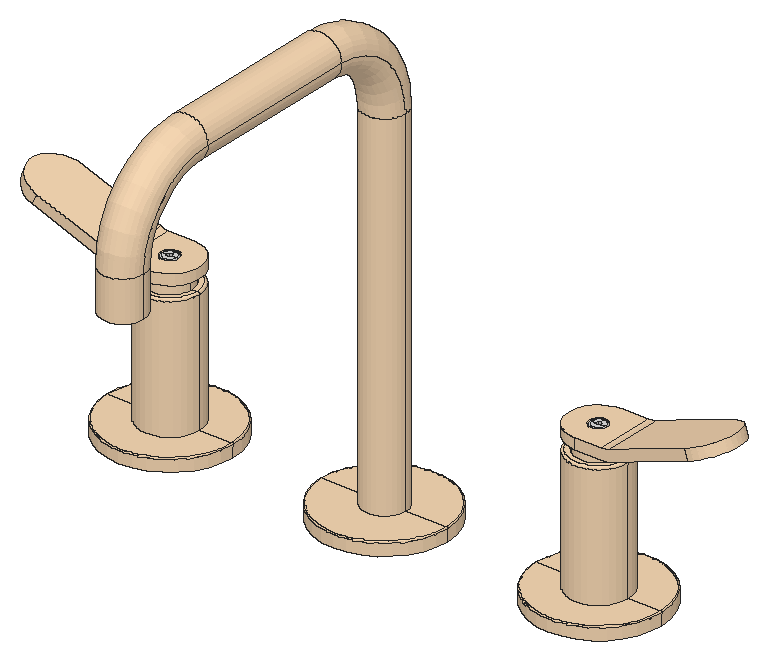
Revit family "Faucet-Deck_Mount-Bath-KALLISTA-Aileron-P33349", category Plumbing Fixtures, host Face, Revit 2021
Family settings
  Host = Face
  Round Connector Dimension = Use Diameter
  Part Type = Normal
  OmniClass Number = 23.31.11.00
  OmniClass Title = Faucets
  Cut with Voids When Loaded = No
  Shared = No
  Room Calculation Point = No
Parameters (values of type "2MB-Brushed Brass")
  Width [instance] = 8"
  WaterSense Certified = 1 = 0  # no
  Waste Water Outlet = "Waste Water Outlet"  # constant formula
  Waste Connection = 1 = 0  # no
  Vent Connection = 1 = 0  # no
  URL = "https://www.kallista.com/"
  Type = 1
  Spout Reach = Length  # 6.10236"
  Product Page URL = ""
  Product Name = "Aileron"  # constant formula
  Product Documentation Link = ""
  Pressure = 4.50 psi  # constant formula
  Model = if(Type = 1, "P-33349-LV-2MB", if(Type = 2, "P-33349-LV-BGP", if(Type = 3, "P-33349-LV-BL", if(Type = 4, "P-33349-LV-BLH", if(Type = 5, "P-33349-LV-BN", if(Type = 6, "P-33349-LV-CP", "NA"))))))  # "P-33349-LV-2MB"
  Material = "Premium Metal Construction"  # constant formula
  Master Format 2014 Name = "Residential Faucets, Supplies, and Trim"  # constant formula
  Master Format 2014 = "22 41 39"  # constant formula
  Manufacturer Address = "444 Highland Dr, Kohler, WI 53044"  # constant formula
  Manufacturer = "Kallista Co."  # constant formula
  Length = 6.10236"  # constant formula
  Hot Water Inlet = "Hot Water Inlet"  # constant formula
  Height = 6 233/256"  # constant formula
  Handle Clearance = 2 161/256"  # constant formula
  HW Connection = 1 = 1  # yes
  Flow Rate = 1.2 GPM  # constant formula
  Finish = Kallista-Metal-2MB- Brushed_Brass
  Faucet Hole Spacing [instance] = Width  # 8"
  Environmental Product Declaration = ""
  Drain Included = 1 = 1  # yes
  Description = "With Desperad Sink Faucet,Standard"  # constant formula
  Default Elevation = 36"
  Declare Label = ""
  Date Modified = "10/22/2024"  # constant formula
  Date Created = "10/22/2024"  # constant formula
  Copyright = "Copyright Kallista Co."  # constant formula
  Contact Us = "https://www.kallista.com/corporate/contact-us/"
  Cold Water Inlet = "Cold Water Inlet"  # constant formula
  CW Connection = 1 = 1  # yes
  Assembly Code = "D2010"
  ADA Compliant = 1 = 0  # no
Types (7): name | Width | Type | Model | Finish | Faucet Hole Spacing
  (no name) | 8" | 1 | "P-33349-LV-2MB" | Kallista-Metal-2MB- Brushed_Brass | 8"
  2MB-Brushed Brass | 8" | 1 | "P-33349-LV-2MB" | Kallista-Metal-2MB- Brushed_Brass | 8"
  BGP-Brushed Graphite | 19.68504" | 2 | "P-33349-LV-BGP" | Kallista-Metal-BGP-Brushed_Graphite | 19.68504"
  BL-Matte Black | 19.68504" | 3 | "P-33349-LV-BL" | Kallista-Metal-BL-Matte_Black | 19.68504"
  BLH-Blush Brass | 19.68504" | 4 | "P-33349-LV-BLH" | Kallista-Metal-BLH-Blush_Brass | 19.68504"
  BN-Brushed Nickel | 19.68504" | 5 | "P-33349-LV-BN" | Kallista-Metal-BN-Brushed_Nickel | 19.68504"
  CP-Chrome | 8" | 6 | "P-33349-LV-CP" | Kallista-Metal-CP-Chrome | 8"
Reference planes (in)
  plane 1 "Center (Front/Back)": y = 0
  plane 2: z = 0
  plane 3 "Center (Left/Right)": x = 0
  plane 4: x = -4
  plane 5: x = 4
  plane 6: x = 2.8189
  plane 7: y = 1.1811
  plane 8: y = -1.1811
  plane 9: y = 0.55118
  plane 10: y = -0.55118
  plane 11: z = 6.91016
  plane 12: z = 3.69291
  plane 13: z = 0.23959
  plane 14: z = 4.25197
  plane 15: z = 6.12205
  plane 16: y = -5.70866
  plane 17: y = -6.49606
  plane 18: y = -6.10236
  plane 19: x = 6.62992
  plane 20: x = 5.1811
  plane 21: x = -2.8189
  plane 22: x = -6.62992
  plane 23: x = -5.1811
  plane 24: x = 6.62891
  plane 25: x = 1.1811
  plane 26: x = -1.1811
  plane 27: x = -0.3937
  plane 28: x = 0.3937
Dimensions and locks (in)
  equal spacing: plane 4, plane 3 "Center (Left/Right)", plane 5
  "Width": plane 4 to plane 5
  plane 6 to plane 5 = 1.1811"
  "Length": plane 1 "Center (Front/Back)" to plane 18
  level to plane 11 = 6 233/256"
  "Height": plane 11 to level
  plane 7 to plane 18 = 7.28346"
  locked: plane 19 to plane 5 at 2.62992
  locked: plane 20 to plane 5 at 1.1811
  locked: plane 6 to plane 5 at 1.1811
  locked: plane 4 to plane 23 at 1.1811
  locked: plane 21 to plane 4 at 1.1811
  locked: plane 4 to plane 22 at 2.62992
  "Handle Clearance": plane 24 to plane 5
  aligned and locked: plane 2 to host face
  aligned and locked: level to host face
  aligned and locked: nested 2 to plane 1 "Center (Front/Back)"
  aligned and locked: plane 1 "Center (Front/Back)" to nested 1
  aligned and locked: nested 2 to plane 4
  aligned and locked: nested 1 to plane 5
  aligned and locked: plane 1 "Center (Front/Back)" to nested 3
  aligned and locked: plane 3 "Center (Left/Right)" to nested 3
Automatic sketch dimensions
  host sketch curve to host sketch curve = 96"  (x2)
Nested families (in)
  nested 1: "P33349_Handle" at (4, 0, 0), type "P33349_Handle"
  nested 2: "P33349_Handle" at (-4, 0, 0) x (-1, 0, 0) z (0, 0, 1), type "P33349_Handle"
  nested 3: "P33349_Spout" at (0, 0, 0), type "P33349_Faucet"
Connectors (in)
  piping at (-4, 0, 0), diameter 0.5, driven by "Flow Rate", driven by "Pressure", driven by "HW Connection", driven by "Hot Water Inlet"
    settings: on nested 2, index 1, connector inside diameter 24", connector length 0", flow factor 0, pipe flow 1.2 GPM, pressure drop 4.50 psi, fitting loss kfactor 0, connector angle 0.00°, fixture units 0, engagement length 0", angle of deflection 0.00°, flow configuration 1, flow direction 1, fitting loss method 4, system type 19, joint type 0, gender type 0, connector reference index -1, connector utility 1, adjustable connector no, is connector primary yes, connector description "Hot Water Inlet"
  piping at (4, 0, 0), diameter 0.5, driven by "Flow Rate", driven by "Pressure", driven by "CW Connection", driven by "Cold Water Inlet"
    settings: on nested 1, index 2, connector inside diameter 24", connector length 0", flow factor 0, pipe flow 1.2 GPM, pressure drop 4.50 psi, fitting loss kfactor 0, connector angle 0.00°, fixture units 0, engagement length 0", angle of deflection 0.00°, flow configuration 2, flow direction 1, fitting loss method 4, system type 20, joint type 0, gender type 0, connector reference index -1, connector utility 1, adjustable connector no, is connector primary no, connector description "Cold Water Inlet"
Definition of nested family "P33349_Handle"
  Parameters
    Material = none
    Default Elevation = 0"
  Reference planes (in)
    plane 1 "Center (Front/Back)": y = 0
    plane 2: z = 0
    plane 3 "Center (Left/Right)": x = 0
    plane 4: x = 1.1811
    plane 5: x = -1.1811
    plane 6: y = -0.55118
    plane 7: y = 0.55118
    plane 8: x = 2.62992
    plane 9: z = 3.69291
    plane 10: z = 2.96457
    plane 11: x = 0.55118
    plane 12: x = -0.55118
    plane 13: through (0.51815, -180, 2.95484) normal (-0.342, 0, 0.9397)
    plane 14: through (-1.51784, -180, 2.00432) normal (-0.342, 0, 0.9397)
    plane 15: through (-1.5515, -180, 2.09681) normal (-0.342, 0, 0.9397)
    plane 16: y = 1.1811
    plane 17: y = -1.1811
    plane 18 "sw": through (2.77057, -180, 3.77254) normal (0.342, 0, -0.9397)
  Forms (in)
    Revolve 1, solid, material <- "Material", detail levels medium+fine
      sketch origin (0, 0, 0) x (1, 0, 0) y (0, 0, 1)
        loop
          line (0, 0.23614) -> (-1.16142, 0.23614)
          arc (-1.16142, 0.23614) -> (-1.17534, 0.23037) -> (-1.1811, 0.21646) r 0.01969
          line (-1.1811, 0.21646) -> (-1.1811, 0) -> (0, 0) -> (0, 0.23614)
        axis (0, 0) -> (0, 0.23614)
      angle from 0 to 360
    Revolve 2, solid, material <- "Material", detail levels medium+fine
      sketch origin (0, 0, 0) x (1, 0, 0) y (0, 0, 1)
        loop
          line (0, 0.54637) -> (-0.42431, 0.54637) -> (-0.42431, 2.53982) -> (-0.51187, 2.53982)
          arc (-0.51187, 2.53982) -> (-0.53967, 2.52831) -> (-0.55118, 2.50051) r 0.03931
          line (-0.55118, 2.50051) -> (-0.55118, 0.23376) -> (0, 0.23376) -> (0, 0.54637)
        axis (0, 0.23376) -> (0, 2.53982)
      angle from 0 to 360
    Revolve 3, solid, material <- "Material", detail levels medium+fine
      sketch origin (0, 0, 0) x (1, 0, 0) y (0, 0, 1)
        loop
          line (0, 2.76736) -> (-0.46305, 2.76736)
          arc (-0.46305, 2.76736) -> (-0.41337, 2.73914) -> (-0.39371, 2.6855) r 0.083
          line (-0.39371, 2.6855) -> (-0.39371, 2.38129) -> (0, 2.38129) -> (0, 2.76736)
        axis (0, 2.38129) -> (0, 2.76736)
      angle from 0 to 360
    Sweep 4, solid, material <- "Material"
      path origin (0, 0, 0) x (1, 0, 0) y (0, 0, 1)
        loop
          line (-0.73463, 2.96461) -> (0.47695, 2.96461)
          arc (0.47695, 2.96461) -> (0.5497, 2.97098) -> (0.62025, 2.98988) r 0.41897
          line (0.62025, 2.98988) -> (2.77057, 3.77254)
      profile origin (-0.12884, 0, 2.96461) x (0, 0, 1) y (0, -1, 0)
        loop
          line (0, -0.55256) -> (0, 0.55256) -> (-0.19685, 0.55256) -> (-0.19685, -0.55256) -> (0, -0.55256)
    Extrusion 5, void
      sketch origin (0, 0, 0) x (1, 0, 0) y (0, 1, 0)
        loop
          line (0.47695, 0.55256) -> (0.47695, 0.81121) -> (-0.98498, 0.81121) -> (-0.98498, -1.04141) -> (0.47695, -1.04141) -> (0.47695, -0.55256) -> (-0.00113, -0.55256)
          arc (-0.00113, -0.55256) -> (-0.55369, 0) -> (-0.00113, 0.55256) r 0.55256
          line (-0.00113, 0.55256) -> (0.47695, 0.55256)
      from 2.53982 to 3.77254
    Extrusion 6, void
      sketch origin (-0.88837, 0, 2.44079) x (0.939693, 0, 0.34202) y (0, -1, 0)
        loop
          line (2.03248, -0.55256) -> (2.03248, -1.14311) -> (4.59153, -1.14311) -> (4.59153, 1.21909) -> (2.03248, 1.21909) -> (2.03248, 0.55256) -> (3.11939, 0.55256)
          arc (3.11939, 0.55256) -> (3.67195, 0) -> (3.11939, -0.55256) r 0.55256
          line (3.11939, -0.55256) -> (2.03248, -0.55256)
      from -0.2769 to 0.57616
    Revolve 7, solid, detail levels medium+fine
      sketch origin (0, 0, 0) x (1, 0, 0) y (0, 0, 1)
        loop
          line (0, 2.96461) -> (-0.13335, 2.96461)
          arc (-0.13335, 2.96461) -> (-0.14761, 2.95536) -> (-0.14495, 2.93857) r 0.0156
          line (-0.14495, 2.93857) -> (-0.08821, 2.87555) -> (-0.08821, 2.80681) -> (0, 2.80681) -> (0, 2.96461)
        axis (0, 2.80681) -> (0, 2.96461)
      angle from 0 to 360
    Revolve 8, void
      sketch origin (0, 0, 0) x (1, 0, 0) y (0, 0, 1)
        loop
          line (0, 2.96461) -> (-0.1684, 2.96461) -> (-0.08821, 2.87555) -> (-0.08821, 2.80681) -> (0, 2.80681) -> (0, 2.96461)
        axis (0, 2.80681) -> (0, 2.96461)
      angle from 0 to 360
    Extrusion 9, void
      sketch origin (0, 0, 0) x (1, 0, 0) y (0, 1, 0)
        loop
          line (0.04756, 0.03036) -> (0.00021, 0.0577) -> (-0.04715, 0.03036) -> (-0.04715, -0.02432) -> (0.00021, -0.05167) -> (0.04756, -0.02432) -> (0.04756, 0.03036)
      from 2.88707 to 3.11193
    Extrusion 10, solid, material <- "Material", detail levels medium+fine
      sketch origin (0, 0, 0) x (1, 0, 0) y (0, 1, 0)
        loop
          circle (0, 0) r 0.19685
      from 0 to 0.05709
    Revolve 11, solid, material <- "Material", detail levels coarse
      sketch origin (0, 0, 0) x (1, 0, 0) y (0, 0, 1)
        loop
          line (0, 2.76776) -> (-0.4795, 2.76677)
          arc (-0.4795, 2.76677) -> (-0.41678, 2.74079) -> (-0.39081, 2.67807) r 0.0887
          line (-0.39081, 2.67807) -> (-0.39081, 2.53982) -> (-0.52614, 2.53982) -> (-0.55118, 2.51478) -> (-0.55118, 0.23684) -> (-1.1811, 0.23684) -> (-1.1811, 0) -> (0, 0) -> (0, 2.76776)
        axis (0, 0) -> (0, 2.76776)
      angle from 0 to 360
  Cuts and joins
    joined: Revolve 2, Revolve 3
    Extrusion 5, Extrusion 6, Revolve 8 cuts Sweep 4
    Extrusion 9 cuts Revolve 7
  Lines and regions (in)
    Masking region 1
      outline origin (0, 0, 0) x (1, 0, 0) y (0, 1, 0)
        loop
          line (2.08042, 0.55118) -> (1.04373, 0.55118)
          arc (1.04373, 0.55118) -> (-1.18198, 0) -> (1.04373, -0.55118) r 1.1811
          line (1.04373, -0.55118) -> (2.08042, -0.55118)
          arc (2.08042, -0.55118) -> (2.6316, 0) -> (2.08042, 0.55118) r 0.55118
    Masking region 2
      outline origin (0, 0, 0) x (0, 1, 0) y (0, 0, 1)
        loop
          arc (1.1811, 0.21626) -> (1.17534, 0.23018) -> (1.16142, 0.23595) r 0.01969
          line (1.16142, 0.23595) -> (0.55118, 0.23595) -> (0.55118, 2.51842) -> (0.52843, 2.54117) -> (0.3937, 2.54117) -> (0.3937, 2.6887)
          arc (0.3937, 2.6887) -> (0.4171, 2.74518) -> (0.47358, 2.76858) r 0.07988
          line (0.47358, 2.76858) -> (0.55118, 2.76858) -> (0.55118, 3.5128)
          arc (0.55118, 3.5128) -> (0.48303, 3.58716) -> (0.3937, 3.63401) r 0.29314
          arc (0.3937, 3.63401) -> (0, 3.69557) -> (-0.3937, 3.63401) r 1.28986
          arc (-0.3937, 3.63401) -> (-0.48303, 3.58716) -> (-0.55118, 3.5128) r 0.29314
          line (-0.55118, 3.5128) -> (-0.55118, 2.76858) -> (-0.46901, 2.76858)
          arc (-0.46901, 2.76858) -> (-0.41576, 2.74652) -> (-0.3937, 2.69327) r 0.0753
          line (-0.3937, 2.69327) -> (-0.3937, 2.54117) -> (-0.52843, 2.54117) -> (-0.55118, 2.51842) -> (-0.55118, 0.23595) -> (-1.16142, 0.23595)
          arc (-1.16142, 0.23595) -> (-1.17534, 0.23018) -> (-1.1811, 0.21626) r 0.01969
          line (-1.1811, 0.21626) -> (-1.1811, 0) -> (0, 0) -> (1.1811, 0) -> (1.1811, 0.21626)
    Masking region 3
      outline origin (0, 0, 0) x (1, 0, 0) y (0, 0, 1)
        loop
          line (-1.1811, 0.21282) -> (-1.1811, 0) -> (0, 0) -> (1.1811, 0) -> (1.1811, 0.21282)
          arc (1.1811, 0.21282) -> (1.17407, 0.2298) -> (1.15709, 0.23684) r 0.02401
          line (1.15709, 0.23684) -> (0.55118, 0.23684) -> (0.55118, 2.51478) -> (0.52614, 2.53982) -> (0.39081, 2.53982) -> (0.39081, 2.67807)
          arc (0.39081, 2.67807) -> (0.41452, 2.73844) -> (0.47298, 2.76653) r 0.0887
          arc (0.47298, 2.76653) -> (0.60068, 2.78484) -> (0.72464, 2.82051) r 0.93718
          line (0.72464, 2.82051) -> (2.61517, 3.50861)
          arc (2.61517, 3.50861) -> (2.62804, 3.52041) -> (2.6288, 3.53786) r 0.02282
          line (2.6288, 3.53786) -> (2.5775, 3.67882)
          arc (2.5775, 3.67882) -> (2.56638, 3.69095) -> (2.54995, 3.69166) r 0.0215
          line (2.54995, 3.69166) -> (0.55227, 2.96457) -> (-0.55118, 2.96457) -> (-0.55118, 2.76776) -> (-0.47314, 2.76776)
          arc (-0.47314, 2.76776) -> (-0.41452, 2.73844) -> (-0.39081, 2.67807) r 0.0887
          line (-0.39081, 2.67807) -> (-0.39081, 2.53982) -> (-0.52614, 2.53982) -> (-0.55118, 2.51478) -> (-0.55118, 0.23684) -> (-1.15709, 0.23684)
          arc (-1.15709, 0.23684) -> (-1.17407, 0.2298) -> (-1.1811, 0.21282) r 0.02401
    symbolic lines, detail levels medium+fine
      curve 1: line (1.04461, 0.55118, 0) -> (-0.00046, 0.55118, 0)
      curve 2: arc (-0.00046, 0.55118, 0) -> (-0.55164, 0, 0) -> (-0.00046, -0.55118, 0) r 0.55118
      curve 3: line (0.59066, 0.55118, 0) -> (0.59066, -0.55118, 0)
      curve 4: line (0.5475, 0.55118, 0) -> (0.5475, -0.55118, 0)
      curve 5: line (0.52207, 0.55118, 0) -> (0.52207, -0.55118, 0)
      curve 6: line (0.47547, 0.55118, 0) -> (0.47547, -0.55118, 0)
      curve 7: circle (0, 0, 0) r 0.3937 normal (0, 0, 1)
      curve 8: circle (0, 0, 0) r 0.34019 normal (0, 0, 1)
      curve 9: circle (0, 0, 0) r 0.17495 normal (0, 0, 1)
      curve 10: circle (0, 0, 0) r 0.14984 normal (0, 0, 1)
      curve 11: circle (0, 0, 0) r 0.07716 normal (0, 0, 1)
      curve 12: arc (2.10503, 0.55118, 0) -> (2.50567, 0, 0) -> (2.10503, -0.55118, 0) r 0.57946
      curve 14: line (1.04373, -0.55118, 0) -> (-0.00046, -0.55118, 0)
      curve 15: circle (0, 0, 0) r 0.05315 normal (0, 0, 1)
      curve 16: line (0.04339, -0.03038, 0) -> (0.048, 0.02238, 0)
      curve 17: line (0.048, 0.02238, 0) -> (0.00462, 0.05276, 0)
      curve 18: line (0.00462, 0.05276, 0) -> (-0.04339, 0.03038, 0)
      curve 19: line (-0.04339, 0.03038, 0) -> (-0.048, -0.02238, 0)
      curve 20: line (-0.048, -0.02238, 0) -> (-0.00462, -0.05276, 0)
      curve 21: line (-0.00462, -0.05276, 0) -> (0.04339, -0.03038, 0)
      curve 22: arc (0, 0.55118, 3.39857) -> (0, 0, 3.53147) -> (0, -0.55118, 3.39857) r 1.20935
      curve 23: arc (0, 0.55118, 3.35414) -> (0, 0, 3.4921) -> (0, -0.55118, 3.35414) r 1.16998
      curve 24: line (0, 0.47358, 2.76858) -> (0, -0.51009, 2.76858)
      curve 25: line (0, 0.3937, 2.54117) -> (0, -0.3937, 2.54117)
      curve 26: line (0, 0.55118, 2.51842) -> (0, -0.55118, 2.51842)
      curve 27: line (0, 0.3937, 2.6887) -> (0, -0.39384, 2.6887)
      curve 28: line (0, 0.55118, 0.23595) -> (0, -0.55118, 0.23595)
      curve 29: line (0, 1.1811, 0.21626) -> (0, -1.1811, 0.21626)
      curve 30: line (-0.55118, 0, 0.23684) -> (0.62992, 0, 0.23684)
      curve 31: line (-1.1811, 0, 0.21282) -> (1.1811, 0, 0.21282)
      curve 32: line (-0.37947, 0, 2.53982) -> (0.40002, 0, 2.53982)
      curve 33: line (-0.39081, 0, 2.67807) -> (0.39081, 0, 2.67807)
      curve 34: line (-0.47314, 0, 2.76776) -> (0.48807, 0, 2.76776)
      curve 35: line (-0.55118, 0, 2.43315) -> (0.02784, 0, 1.85413)
      curve 36: line (-0.55118, 0, 2.48883) -> (0.08352, 0, 1.85413)
      curve 37: line (-0.52146, 0, 2.51478) -> (0.13919, 0, 1.85413)
      curve 38: line (-0.46578, 0, 2.51478) -> (0.19487, 0, 1.85413)
      curve 39: line (-0.4101, 0, 2.51478) -> (0.25055, 0, 1.85413)
      curve 40: line (-0.35442, 0, 2.51478) -> (0.30623, 0, 1.85413)
      curve 41: line (-0.29875, 0, 2.51478) -> (0.36191, 0, 1.85413)
      curve 42: line (-0.24307, 0, 2.51478) -> (0.41758, 0, 1.85413)
      curve 43: line (-0.18739, 0, 2.51478) -> (0.47326, 0, 1.85413)
      curve 44: line (-0.13171, 0, 2.51478) -> (0.52894, 0, 1.85413)
      curve 45: line (-0.07604, 0, 2.51478) -> (0.55118, 0, 1.88756)
      curve 46: line (-0.02036, 0, 2.51478) -> (0.55118, 0, 1.94324)
      curve 47: line (0.03532, 0, 2.51478) -> (0.55118, 0, 1.99892)
      curve 48: line (0.091, 0, 2.51478) -> (0.55118, 0, 2.0546)
      curve 49: line (0.14667, 0, 2.51478) -> (0.55118, 0, 2.11027)
      curve 50: line (0.20235, 0, 2.51478) -> (0.55118, 0, 2.16595)
      curve 51: line (0.25803, 0, 2.51478) -> (0.55118, 0, 2.22163)
      curve 52: line (0.31371, 0, 2.51478) -> (0.55118, 0, 2.27731)
      curve 53: line (0.36939, 0, 2.51478) -> (0.55118, 0, 2.33298)
      curve 54: line (0.42506, 0, 2.51478) -> (0.55118, 0, 2.38866)
      curve 55: line (0.48074, 0, 2.51478) -> (0.55118, 0, 2.44434)
      curve 56: line (-0.55118, 0, 2.37747) -> (-0.02784, 0, 1.85413)
      curve 57: line (-0.55118, 0, 2.32179) -> (-0.08352, 0, 1.85413)
      curve 58: line (-0.55118, 0, 2.26612) -> (-0.13919, 0, 1.85413)
      curve 59: line (-0.55118, 0, 2.21044) -> (-0.19487, 0, 1.85413)
      curve 60: line (-0.55118, 0, 2.15476) -> (-0.25055, 0, 1.85413)
      curve 61: line (-0.55118, 0, 2.09908) -> (-0.30623, 0, 1.85413)
      curve 62: line (-0.55118, 0, 2.0434) -> (-0.36191, 0, 1.85413)
      curve 63: line (-0.55118, 0, 1.98773) -> (-0.41758, 0, 1.85413)
      curve 64: line (-0.55118, 0, 1.93205) -> (-0.47326, 0, 1.85413)
      curve 65: line (0.55118, 0, 2.43315) -> (-0.02784, 0, 1.85413)
      curve 66: line (0.55118, 0, 2.48883) -> (-0.08352, 0, 1.85413)
      curve 67: line (0.52146, 0, 2.51478) -> (-0.13919, 0, 1.85413)
      curve 68: line (0.46578, 0, 2.51478) -> (-0.19487, 0, 1.85413)
      curve 69: line (0.4101, 0, 2.51478) -> (-0.25055, 0, 1.85413)
      curve 70: line (0.35442, 0, 2.51478) -> (-0.30623, 0, 1.85413)
      curve 71: line (0.29875, 0, 2.51478) -> (-0.36191, 0, 1.85413)
      curve 72: line (0.24307, 0, 2.51478) -> (-0.41758, 0, 1.85413)
      curve 73: line (0.18739, 0, 2.51478) -> (-0.47326, 0, 1.85413)
      curve 74: line (0.13171, 0, 2.51478) -> (-0.52894, 0, 1.85413)
      curve 75: line (0.07604, 0, 2.51478) -> (-0.55118, 0, 1.88756)
      curve 76: line (0.02036, 0, 2.51478) -> (-0.55118, 0, 1.94324)
      curve 77: line (-0.03532, 0, 2.51478) -> (-0.55118, 0, 1.99892)
      curve 78: line (-0.091, 0, 2.51478) -> (-0.55118, 0, 2.0546)
      curve 79: line (-0.14667, 0, 2.51478) -> (-0.55118, 0, 2.11027)
      curve 80: line (-0.20235, 0, 2.51478) -> (-0.55118, 0, 2.16595)
      curve 81: line (-0.25803, 0, 2.51478) -> (-0.55118, 0, 2.22163)
      curve 82: line (-0.31371, 0, 2.51478) -> (-0.55118, 0, 2.27731)
      curve 83: line (-0.36939, 0, 2.51478) -> (-0.55118, 0, 2.33298)
      curve 84: line (-0.42506, 0, 2.51478) -> (-0.55118, 0, 2.38866)
      curve 85: line (-0.48074, 0, 2.51478) -> (-0.55118, 0, 2.44434)
      curve 86: line (0.55118, 0, 2.37747) -> (0.02784, 0, 1.85413)
      curve 87: line (0.55118, 0, 2.32179) -> (0.08352, 0, 1.85413)
      curve 88: line (0.55118, 0, 2.26612) -> (0.13919, 0, 1.85413)
      curve 89: line (0.55118, 0, 2.21044) -> (0.19487, 0, 1.85413)
      curve 90: line (0.55118, 0, 2.15476) -> (0.25055, 0, 1.85413)
      curve 91: line (0.55118, 0, 2.09908) -> (0.30623, 0, 1.85413)
      curve 92: line (0.55118, 0, 2.0434) -> (0.36191, 0, 1.85413)
      curve 93: line (0.55118, 0, 1.98773) -> (0.41758, 0, 1.85413)
      curve 94: line (0.55118, 0, 1.93205) -> (0.47326, 0, 1.85413)
      curve 95: line (-0.55118, 0, 2.51478) -> (0.55118, 0, 2.51478)
      curve 96: line (-0.55118, 0, 1.85413) -> (-0.52894, 0, 1.85413)
      curve 97: line (-0.52894, 0, 1.85413) -> (0.55118, 0, 1.85413)
    symbolic lines
      curve 13: line (1.04461, -38.8189, 0) -> (-0.00046, -38.8189, 0)
  Dimensions and locks (in)
    aligned and locked: plane 2 to level
Definition of nested family "P33349_Spout"
  Parameters
    Material = none
    Default Elevation = 0"
  Reference planes (in)
    plane 1 "Center (Front/Back)": y = 0
    plane 2: z = 0
    plane 3 "Center (Left/Right)": x = 0
    plane 4: y = 1.1811
    plane 5: y = -1.1811
    plane 6: x = 1.1811
    plane 7: x = -1.1811
    plane 8: y = -6.10236
    plane 9: y = -6.10236
    plane 10: y = 0.3937
    plane 11: z = 8.75984
    plane 12: y = -6.49606
    plane 13: z = 6.12205
    plane 14: z = 8.36614
    plane 15: z = 7.97244
    plane 16: y = -5.70866
    plane 17: x = 0.3937
    plane 18: x = -0.3937
    plane 19: x = -0.3937
    plane 20: x = 0.3937
  Forms (in)
    Revolve 1, solid, material <- "Material", detail levels medium+fine
      sketch origin (0, 0, 0) x (1, 0, 0) y (0, 0, 1)
        loop
          line (0, 0.2393) -> (-1.16142, 0.2393)
          arc (-1.16142, 0.2393) -> (-1.17534, 0.23353) -> (-1.1811, 0.21961) r 0.01969
          line (-1.1811, 0.21961) -> (-1.1811, 0) -> (0, 0) -> (0, 0.2393)
        axis (0, 0) -> (0, 0.2393)
      angle from 0 to 360
    Sweep 2, solid, material <- "Material", detail levels medium+fine
      path origin (0, 0, 0) x (0, 1, 0) y (0, 0, 1)
        loop
          line (-6.10236, 6.12205) -> (-6.10236, 6.87008)
          arc (-6.10236, 6.87008) -> (-5.66418, 7.92796) -> (-4.6063, 8.36614) r 1.49606
          line (-4.6063, 8.36614) -> (-1.49606, 8.36614)
          arc (-1.49606, 8.36614) -> (-0.43819, 7.92796) -> (0, 6.87008) r 1.49606
          line (0, 6.87008) -> (0, 0.19685)
      profile origin (0, 0, 3.53346) x (1, 0, 0) y (0, 1, 0)
        loop
          circle (0, 0) r 0.3937
    Revolve 3, void
      sketch origin (0, 0, 0) x (0, 1, 0) y (0, 0, 1)
        loop
          line (-6.4575, 6.12205) -> (-6.10236, 6.12205) -> (-6.10236, 6.67635) -> (-6.41184, 6.67635) -> (-6.41184, 6.25084) -> (-6.4575, 6.25084) -> (-6.4575, 6.12205)
        axis (-6.10236, 6.12205) -> (-6.10236, 6.67635)
      angle from 0 to 360
    Revolve 4, solid, material <- "Material", detail levels coarse
      sketch origin (0, 0, 0) x (0, 1, 0) y (0, 0, 1)
        loop
          line (1.1811, 0.24022) -> (0, 0.24022) -> (0, 0) -> (1.1811, 0) -> (1.1811, 0.24022)
        axis (0, 0) -> (0, 0.24022)
      angle from 0 to 360
    Sweep 5, solid, material <- "Material", detail levels coarse
      path origin (0, 0, 0) x (0, 1, 0) y (0, 0, 1)
        loop
          line (-6.10236, 6.12205) -> (-6.10236, 6.79134)
          arc (-6.10236, 6.79134) -> (-5.64111, 7.90489) -> (-4.52756, 8.36614) r 1.5748
          line (-4.52756, 8.36614) -> (-1.5748, 8.36614)
          arc (-1.5748, 8.36614) -> (-0.46125, 7.90489) -> (0, 6.79134) r 1.5748
          line (0, 6.79134) -> (0, 0.19685)
      profile origin (0, 0, 0.19685) x (0, -1, 0) y (1, 0, 0)
        loop
          circle (-0.00235, 0) r 0.3937
    Revolve 6, solid, detail levels medium+fine
      sketch origin (0, 1.38935, 1.8727) x (0, 1, 0) y (0, 0, 1)
        loop
          line (-7.48031, 4.55119) -> (-7.48031, 4.25197) -> (-7.14934, 4.25197) -> (-7.14934, 4.55119) -> (-7.48031, 4.55119)
        axis (-7.48031, 4.25197) -> (-7.48031, 4.55119)
      angle from 0 to 360
    Extrusion 7, void
      sketch origin (0, 1.38935, 1.8727) x (1, 0, 0) y (0, 1, 0)
        loop
          circle (0.21281, -7.55573) r 0.04082
        loop
          circle (-0.02599, -7.47329) r 0.04082
        loop
          circle (0.04783, -7.30281) r 0.04082
        loop
          circle (0.01196, -7.6458) r 0.04082
        loop
          circle (-0.16645, -7.5626) r 0.04082
        loop
          circle (-0.12476, -7.3262) r 0.04082
        loop
          circle (0.16508, -7.40386) r 0.04082
        loop
          circle (0.16508, -7.67382) r 0.04082
        loop
          circle (0.103, -7.52024) r 0.04082
        loop
          circle (-0.22645, -7.43196) r 0.04082
        loop
          circle (-0.11139, -7.67872) r 0.04082
        loop
          circle (-0.03395, -7.23957) r 0.04082
        loop
          circle (0.15619, -7.29052) r 0.04082
      from 4.06318 to 4.55119
  Cuts and joins
    Revolve 3 cuts Sweep 2
    Extrusion 7 cuts Revolve 6
  Lines and regions (in)
    Masking region 1
      outline origin (0, 0, 0) x (0, 1, 0) y (0, 0, 1)
        loop
          line (-1.30474, 8.75984) -> (-4.52756, 8.75984)
          arc (-4.52756, 8.75984) -> (-5.9195, 8.18328) -> (-6.49606, 6.79134) r 1.9685
          line (-6.49606, 6.79134) -> (-6.49606, 6.12205) -> (-5.70866, 6.12205) -> (-5.70866, 6.79134)
          arc (-5.70866, 6.79134) -> (-5.36272, 7.6265) -> (-4.52756, 7.97244) r 1.1811
          line (-4.52756, 7.97244) -> (-1.48137, 7.97244)
          arc (-1.48137, 7.97244) -> (-0.71227, 7.65387) -> (-0.3937, 6.88477) r 1.08767
          line (-0.3937, 6.88477) -> (-0.3937, 0.24022) -> (-1.15807, 0.24022)
          arc (-1.15807, 0.24022) -> (-1.17436, 0.23347) -> (-1.1811, 0.21719) r 0.02303
          line (-1.1811, 0.21719) -> (-1.1811, 0) -> (1.1811, 0) -> (1.1811, 0.21945)
          arc (1.1811, 0.21945) -> (1.17502, 0.23414) -> (1.16034, 0.24022) r 0.02076
          line (1.16034, 0.24022) -> (0.3937, 0.24022) -> (0.3937, 7.0614)
          arc (0.3937, 7.0614) -> (-0.10376, 8.26238) -> (-1.30474, 8.75984) r 1.69845
    Masking region 2
      outline origin (0, 0, 0) x (1, 0, 0) y (0, 1, 0)
        loop
          line (-0.3937, -1.11355) -> (-0.3937, -6.10422)
          arc (-0.3937, -6.10422) -> (0, -6.49793) -> (0.3937, -6.10422) r 0.3937
          line (0.3937, -6.10422) -> (0.3937, -1.11355)
          arc (0.3937, -1.11355) -> (0, 1.1811) -> (-0.3937, -1.11355) r 1.1811
    Masking region 3
      outline origin (0, 0, 0) x (1, 0, 0) y (0, 0, 1)
        loop
          line (-1.1811, 0) -> (1.1811, 0) -> (1.1811, 0.21672)
          arc (1.1811, 0.21672) -> (1.17441, 0.23288) -> (1.15826, 0.23957) r 0.02284
          line (1.15826, 0.23957) -> (0.39278, 0.23957) -> (0.39278, 8.36614)
          arc (0.39278, 8.36614) -> (0.27779, 8.6442) -> (0, 8.75984) r 0.3937
          arc (0, 8.75984) -> (-0.27899, 8.64486) -> (-0.39463, 8.36614) r 0.3937
          line (-0.39463, 8.36614) -> (-0.39463, 0.23957) -> (-1.16082, 0.23957)
          arc (-1.16082, 0.23957) -> (-1.17516, 0.23363) -> (-1.1811, 0.21928) r 0.02028
          line (-1.1811, 0.21928) -> (-1.1811, 0)
    symbolic lines, detail levels medium+fine
      curve 1: line (0, 0.3937, 0.24022) -> (0, -0.3937, 0.24022)
      curve 2: line (0, 1.1811, 0.21945) -> (0, -1.1811, 0.21945)
      curve 3: line (0, -4.52756, 7.97244) -> (0, -4.52756, 8.75984)
      curve 4: line (0, -1.37795, 7.97244) -> (0, -1.37795, 8.75984)
      curve 5: line (0, -0.3937, 6.88477) -> (0, 0.3937, 6.88477)
      curve 6: line (-0.3937, -1.11355, 0) -> (-0.3937, 0.00235, 0)
      curve 7: line (0.3937, -1.11355, 0) -> (0.3937, 0.00235, 0)
      curve 8: arc (-0.3937, 0.00235, 0) -> (0, 0.39605, 0) -> (0.3937, 0.00235, 0) r 0.3937
      curve 9: line (-0.3937, -1.37795, 0) -> (0.3937, -1.37795, 0)
      curve 10: line (-0.3937, 0, 0.23957) -> (0.3937, 0, 0.23957)
      curve 11: line (-1.1811, 0, 0.21928) -> (1.1811, 0, 0.21928)
      curve 12: line (-0.3937, -4.92126, 0) -> (0.3937, -4.92126, 0)
      curve 13: line (-0.40247, 0, 6.12205) -> (0.38602, 0, 6.12205)
      curve 14: line (-0.39463, 0, 6.7126) -> (0.39278, 0, 6.7126)
      curve 15: line (-0.3934, 0, 6.18181) -> (-0.33363, 0, 6.12205)
      curve 16: line (-0.39132, 0, 6.23542) -> (-0.27795, 0, 6.12205)
      curve 17: line (-0.38925, 0, 6.28902) -> (-0.22228, 0, 6.12205)
      curve 18: line (-0.39463, 0, 6.3497) -> (-0.16698, 0, 6.12205)
      curve 19: line (-0.39463, 0, 6.405) -> (-0.11168, 0, 6.12205)
      curve 20: line (-0.39463, 0, 6.4603) -> (-0.05638, 0, 6.12205)
      curve 21: line (-0.39463, 0, 6.5156) -> (-0.00108, 0, 6.12205)
      curve 22: line (-0.39463, 0, 6.5709) -> (0.05422, 0, 6.12205)
      curve 23: line (-0.39463, 0, 6.6262) -> (0.10952, 0, 6.12205)
      curve 24: line (-0.39463, 0, 6.6815) -> (0.16482, 0, 6.12205)
      curve 25: line (-0.37043, 0, 6.7126) -> (0.22012, 0, 6.12205)
      curve 26: line (-0.31513, 0, 6.7126) -> (0.27542, 0, 6.12205)
      curve 27: line (-0.25983, 0, 6.7126) -> (0.33072, 0, 6.12205)
      curve 28: line (-0.20453, 0, 6.7126) -> (0.38602, 0, 6.12205)
      curve 29: line (-0.14923, 0, 6.7126) -> (0.39278, 0, 6.17059)
      curve 30: line (-0.09393, 0, 6.7126) -> (0.39278, 0, 6.22589)
      curve 31: line (-0.03863, 0, 6.7126) -> (0.39278, 0, 6.28119)
      curve 32: line (0.01667, 0, 6.7126) -> (0.39278, 0, 6.33649)
      curve 33: line (0.07235, 0, 6.7126) -> (0.39278, 0, 6.39217)
      curve 34: line (0.12751, 0, 6.7126) -> (0.39278, 0, 6.44733)
      curve 35: line (0.18318, 0, 6.7126) -> (0.38921, 0, 6.50658)
      curve 36: line (0.23886, 0, 6.7126) -> (0.39099, 0, 6.56047)
      curve 37: line (0.29454, 0, 6.7126) -> (0.39278, 0, 6.61436)
      curve 38: line (0.3492, 0, 6.7126) -> (0.39278, 0, 6.66902)
      curve 39: line (-0.16698, 0, 6.12205) -> (0.39278, 0, 6.61436)
      curve 40: line (-0.10749, 0, 6.12205) -> (0.39369, 0, 6.56285)
      curve 41: line (-0.04799, 0, 6.12205) -> (0.39369, 0, 6.51052)
      curve 42: line (0.0115, 0, 6.12205) -> (0.39369, 0, 6.4582)
      curve 43: line (0.05422, 0, 6.12205) -> (0.39369, 0, 6.4095)
      curve 44: line (0.13048, 0, 6.12205) -> (0.39369, 0, 6.35355)
      curve 45: line (0.18997, 0, 6.12205) -> (0.39369, 0, 6.30123)
      curve 46: line (0.24946, 0, 6.12205) -> (0.39369, 0, 6.2489)
      curve 47: line (0.30895, 0, 6.12205) -> (0.39369, 0, 6.19658)
      curve 48: line (0.36844, 0, 6.12205) -> (0.39369, 0, 6.14426)
      curve 49: line (-0.19453, 0, 6.1496) -> (0.36523, 0, 6.64191)
      curve 50: line (-0.28472, 0, 6.12205) -> (0.33767, 0, 6.66946)
      curve 51: line (-0.3436, 0, 6.12205) -> (0.31012, 0, 6.69701)
      curve 52: line (-0.39463, 0, 6.12895) -> (0.26897, 0, 6.7126)
      curve 53: line (-0.3934, 0, 6.18181) -> (0.2101, 0, 6.7126)
      curve 54: line (-0.39132, 0, 6.23542) -> (0.15122, 0, 6.7126)
      curve 55: line (-0.38925, 0, 6.28902) -> (0.09235, 0, 6.7126)
      curve 56: line (-0.38738, 0, 6.34245) -> (0.03348, 0, 6.7126)
      curve 57: line (-0.39463, 0, 6.3884) -> (-0.02602, 0, 6.7126)
      curve 58: line (-0.39463, 0, 6.44005) -> (-0.08474, 0, 6.7126)
      curve 59: line (-0.39463, 0, 6.49237) -> (-0.14423, 0, 6.7126)
      curve 60: line (-0.39463, 0, 6.5447) -> (-0.20373, 0, 6.7126)
      curve 61: line (-0.39463, 0, 6.59702) -> (-0.26322, 0, 6.7126)
      curve 62: line (-0.39463, 0, 6.64934) -> (-0.32271, 0, 6.7126)
      curve 63: line (0, -5.70866, 6.79134) -> (0, -6.49606, 6.79134)
      curve 64: line (0, -5.70866, 6.79134) -> (0, -6.49606, 6.12205)
      curve 65: line (0, -5.76866, 6.79134) -> (0, -6.49606, 6.17304)
      curve 66: line (0, -5.82865, 6.79134) -> (0, -6.49842, 6.22204)
      curve 67: line (0, -5.88865, 6.79134) -> (0, -6.49842, 6.27304)
      curve 68: line (0, -5.94864, 6.79134) -> (0, -6.49842, 6.32403)
      curve 69: line (0, -6.00864, 6.79134) -> (0, -6.49842, 6.37503)
      curve 70: line (0, -6.06923, 6.79134) -> (0, -6.49842, 6.42653)
      curve 71: line (0, -6.12982, 6.79134) -> (0, -6.49842, 6.47803)
      curve 72: line (0, -6.19041, 6.79134) -> (0, -6.49842, 6.52953)
      curve 73: line (0, -6.251, 6.79134) -> (0, -6.49842, 6.58103)
      curve 74: line (0, -6.31159, 6.79134) -> (0, -6.49842, 6.63254)
      curve 75: line (0, -6.36984, 6.79134) -> (0, -6.49842, 6.68205)
      curve 76: line (0, -5.70866, 6.74034) -> (0, -6.43607, 6.12205)
      curve 77: line (0, -5.70866, 6.68935) -> (0, -6.37607, 6.12205)
      curve 78: line (0, -5.70866, 6.63835) -> (0, -6.31608, 6.12205)
      curve 79: line (0, -5.70866, 6.58735) -> (0, -6.25608, 6.12205)
      curve 80: line (0, -5.70866, 6.53636) -> (0, -6.19609, 6.12205)
      curve 81: line (0, -5.70866, 6.48536) -> (0, -6.13609, 6.12205)
      curve 82: line (0, -5.70866, 6.43437) -> (0, -6.0761, 6.12205)
      curve 83: line (0, -5.70866, 6.38287) -> (0, -6.01551, 6.12205)
      curve 84: line (0, -5.70866, 6.33136) -> (0, -5.95492, 6.12205)
      curve 85: line (0, -5.70866, 6.27986) -> (0, -5.89433, 6.12205)
      curve 86: line (0, -5.70866, 6.22966) -> (0, -5.83526, 6.12205)
      curve 87: line (0, -5.71101, 6.17616) -> (0, -5.77467, 6.12205)
  Dimensions and locks (in)
    aligned and locked: plane 2 to level
    aligned and locked: plane 11 to Masking region 3 sketch curve
